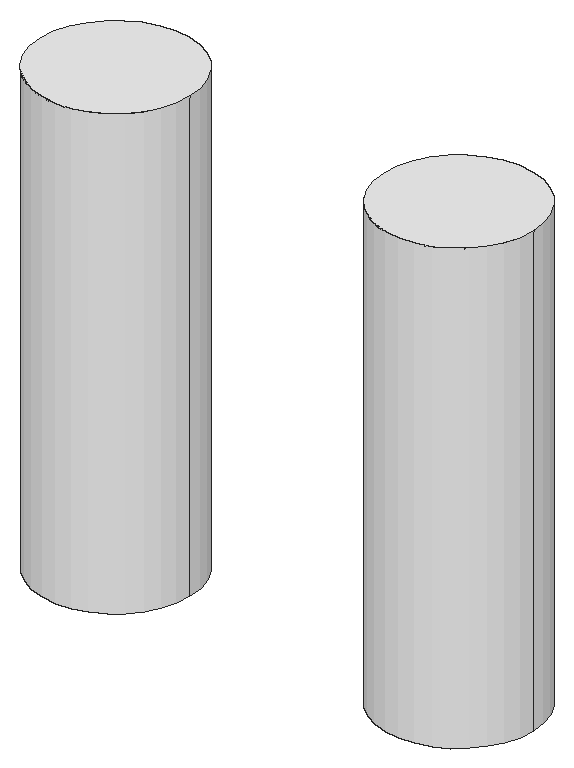
Revit family "00902201(2022)", category Plumbing Fixtures, Revit 2020
Family settings
  Round Connector Dimension = Use Diameter
  Part Type = Normal
  OmniClass Number = 23.45.55.00
  OmniClass Title = Sanitary Faucets, Wastes
  Work Plane-Based = No
  Always vertical = Yes
  Cut with Voids When Loaded = No
  Shared = No
  Room Calculation Point = No
Parameters (values of type "00902201 Cold water faucet ")
  Working Pressure = "50 - 1000 kPa "
  WarrantyStartDate [instance] = "n/a"
  WarrantyGuarantorParts = "n/a"
  WarrantyGuarantorLabor = "n/a"
  WarrantyDurationUnit = "Year"
  WarrantyDurationParts = "n/a"
  WarrantyDurationLabor = "n/a"
  WarrantyDescription = "http://warranty.hansa.com"
  Warranty Information URL = "http://warranty.hansa.com"
  VersionDate = "01/06/2023"
  Version = "1"
  ValvePattern = "n/a"
  ValveOperation = "n/a"
  ValveMechanism = "n/a"
  Uniclass2015Reference = "Pr_40_20_87_96"
  Uniclass2015Description = "Washbasin manual water supply sets"
  Uniclass2 = "Pr_40_30_96_96"
  URL REACH = "http://static.hansa.com/doc/reach"
  URL Materials Declaration = "http://www.hansa.com/fileadmin/resources/169257_00902201_materialsdeclaration.pdf"
  URL EcoLabel Declaration = "http://static.hansa.com/doc/EcoLabel"
  URL EU Packaging Declaration = "http://static.hansa.com/doc/packaging"
  URL Declaration of SCIP = "http://static.hansa.com/doc/SCIP"
  URL Declaration of Conformity = "http://static.hansa.com/DoC/00902201"
  URL Declaration of Asbestos = "http://static.hansa.com/doc/asbestos"
  URL Declaration Of Performance (DOP) = "http://static.hansa.com/doc/DoP"
  URL ABP = "http://static.hansa.com/ABP/00902201"
  URL = ""
  UNSPSC Class Number = "30181700 Faucets or taps"
  Type Comments = ""
  TestPressure = "n/a"
  Technical DataSheet URL = "http://www.hansa.com/datasheet/00902201/en"
  TagNumber [instance] = "n/a"
  SustainabilityPerformance = "n/a"
  Surface treatment = "Chrome"
  Spout Type = "Fixed spout;Casted construction"
  Spout Projection = "84 mm "
  Spare-Part Information URL = "http://static.hansa.com/sp/00902201"
  Size = "50x120x145 mm"
  Shape = "Sculptured"
  SerialNumber [instance] = "n/a"
  Sales Package dimensions (LxWxH) = "380 x 180 x 74"
  Revision = "n/a"
  ReplacementCost = "n/a"
  ProductInformation = "n/a"
  Product URL = "http://static.hansa.com/00902201"
  Product Image URL = "http://static.hansa.com/image/00902201"
  Product Family = "HANSANOVA "
  Product Code = "00902201"
  OperatingMechanismMaterial = "n/a"
  NominalWidth = 46 mm
  NominalHeight = 142.017 mm
  NominalDepth = 119.99 mm
  Noise Class = "I (ISO 3822)"
  Name_en = "00902201 Cold water faucet"
  Name = "00902201 Cold water faucet"
  NBSReference = "45-35-70/371"
  NBSDescription = "Water supply fittings for wash basins and troughs"
  Mounting Holes = "1 hole"
  ModelReference = "00902201"
  ModelNumber = "n/a"
  Model = "00902201 Cold water faucet"
  Mobile Product Information URL = "http://mpi.hansa.com/00902201"
  Mechanical Parts = "Ceramic head part for flow control"
  Max. Hot Water Supply = 80 °C
  Material = "Brass"
  Market = "International;Germany;Austria;Belgium;Netherlands;Italy"
  ManufacturerURL = "http://www.hansa.com"
  ManufacturerName = "HANSA"
  Manufacturer = "HANSA"
  Lever Handle = "Single operating lever/handle"
  Keynote = ""
  Interactive AR View URL = "https://static.hansa.com/AR/00902201"
  InstallationDate [instance] = "n/a"
  Installation and Maintenance Guide URL = "http://static.hansa.com/manual/00902201"
  Installation Type = "Deck mounted"
  InletConnectionSize = 10 mm
  IfcExportType = "FAUCET"  # constant formula
  IfcExportAs = "IfcValveType"  # constant formula
  Group = "Washbasin faucet"
  Grade = "n/a"
  FlowCoefficient = 0
  Flow Rate At 300kPa With Flow Controller = 0.1 L/s
  Flow Drawing URL = "http://static.hansa.com/flowchart/00902201"
  Finish = "Polished"
  Features = "Single-lever"
  FaucetMainMaterial = Brass
  FDV Document URL = "http://www.hansa.com/datasheet/00902201/en/fdv"
  ExpectedLife = "n/a"
  ETIM Class Number = "EC011375 Water tap"
  EN Standard = "EN 817"
  EAN Number = "4057304019807"
  DurationUnit = "Year"
  Dimension Drawing URL = "http://static.hansa.com/dimdrw/00902201"
  Description = ""
  DefaultElevation [instance] = 900 mm
  Default Elevation = 0 mm
  Constituents = "n/a"
  Connection Size = "G3/8 "
  Connection = "One inlet for cold or premixed water"
  Color = "Chrome"
  CodePerformance = "n/a"
  CloseOffRating = 0
  Category = "Washbasin"
  Catalog Drawing URL = "http://static.hansa.com/catdrw/00902201"
  Brand = "HANSA"
  BodyMaterial = "Brass"
  Barcode [instance] = "n/a"
  Backflow Prevention EN1717 = "AA"
  BIMObjectName = "00902201(2022)"
  Author = "BIMStone"
  AssetType = "Fixed"
  AssetIdentifier [instance] = "n/a"
  Approval ABP = "PA-IX 38425/IO"
  Aerator = "PCA® - constant flow rate regardless of pressure variations;Adjustable flow angle"
  Advanced Features = "Inner body made of DZR brass"
  AccessibilityPerformance = "n/a"
  3D View = "https://static.hansa.com/AR/00902201"
  2D/3D/BIM Files URL = "http://static.hansa.com/bim/00902201"
Reference planes
  plane 1 "Center (Front/Back)": y = 0
  plane 2: z = 0
  plane 3 "Center (Left/Right)": x = 0
  plane 4: x = -23
  plane 5: z = 900
  plane 6: z = 870
  plane 7: y = -119.99
  plane 8: x = 23
  plane 9: z = 1042.017
Forms (mm)
  Extrusion 1, solid, material "Brass" <- "FaucetMainMaterial"
    sketch origin (0, -0.5, 0) x (1, 0, 0) y (0, 1, 0)
      loop
        circle (-11.5, -22.5) r 5
      loop
        circle (11.5, -22.5) r 5
    from 870 to 900
Dimensions and locks
  "DefaultElevation": plane 5 to level
  locked: plane 5 to plane 6 at 30
  "NominalDepth": plane 7 to plane 1 "Center (Front/Back)"
  equal spacing: plane 4, plane 3 "Center (Left/Right)", plane 8
  "NominalHeight": plane 9 to plane 5
  "NominalWidth": plane 4 to plane 8
  "InletConnectionSize": diameter of Extrusion 1 sketch curve  (x2)
  aligned and locked: level to plane 2
  aligned and locked: plane 5 to Extrusion 1
  aligned and locked: Extrusion 1 to plane 6
  aligned and locked: plane 1 "Center (Front/Back)" to nested 2
  aligned and locked: plane 3 "Center (Left/Right)" to nested 2
  aligned and locked: plane 3 "Center (Left/Right)" to nested 1
  aligned and locked: plane 1 "Center (Front/Back)" to nested 1
  aligned and locked: plane 5 to nested 2
Automatic sketch dimensions
  Extrusion 1 sketch curve to plane 3 "Center (Left/Right)" = 11.5 mm
  plane 3 "Center (Left/Right)" to Extrusion 1 sketch curve = 11.5 mm
  plane 1 "Center (Front/Back)" to Extrusion 1 sketch curve = 23 mm  (x2)
Nested families
  nested 1: "Symbol" at (0, 0, 0), type "Symbol", detail levels coarse
  nested 2: "00902201_Body" at (0, 0, 900), Material <- "FaucetMainMaterial", type "00902201_Body"
    with Material Brass
Connectors
  piping at (-11.5, -23, 870), diameter 10, driven by "InletConnectionSize"
    settings: on Extrusion 1, index 1, connector inside diameter 609.6 mm, connector length 0 mm, flow factor 0, pipe flow 0.1 L/s, pressure drop 0.0 Pa, fitting loss kfactor 0, connector angle 0.00°, fixture units 0, engagement length 0 mm, angle of deflection 0.00°, flow configuration 1, flow direction 1, fitting loss method 0, system type 19, joint type 0, gender type 0, connector reference index -1, connector utility 0, adjustable connector no, is connector primary yes, connector description ""
  piping at (11.5, -23, 870), diameter 10, driven by "InletConnectionSize"
    settings: on Extrusion 1, index 2, connector inside diameter 609.6 mm, connector length 0 mm, flow factor 0, pipe flow 0.1 L/s, pressure drop 0.0 Pa, fitting loss kfactor 0, connector angle 0.00°, fixture units 0, engagement length 0 mm, angle of deflection 0.00°, flow configuration 1, flow direction 1, fitting loss method 0, system type 20, joint type 0, gender type 0, connector reference index -1, connector utility 0, adjustable connector no, is connector primary no, connector description ""
Definition of nested family "Symbol"
  Reference planes
    plane 1: y = 0
    plane 2: x = 0
  Lines and regions (mm)
    detail lines
      curve 1: line (0, 0, 0) -> (0, -1.8, 0)
      curve 2: line (-0.4, -1.1, 0) -> (0.4, -1.1, 0)
      curve 3: line (-0.4, -1.4, 0) -> (0.4, -1.4, 0)
      curve 4: line (0.863, 0, 0) -> (-0.863, 0, 0)
      curve 5: circle (-1.163, 0, 0) r 0.3 normal (0, 0, -1)
      curve 6: circle (1.163, 0, 0) r 0.3 normal (0, 0, 1)
Definition of nested family "00902201_Body"
  Parameters (values of type "00902201_Body")
    Material [instance] = none
    Default Elevation = 0 mm
  Reference planes
    plane 1 "Center (Front/Back)": y = 0
    plane 2: z = 0
    plane 3 "Center (Left/Right)": x = 0
    plane 4: z = 142.017
    plane 5: y = -119.99
    plane 6: x = -23
    plane 7: x = 23
  Forms (mm)
    Extrusion 1, solid, material <- "Material", detail levels medium
      sketch origin (0, 0, 11.035) x (0, 1, 0) y (0, 0, 1)
        loop
          line (-23.504, 89.465) -> (-118.83, 89.465)
          arc (-118.83, 89.465) -> (-119.65, 89.126) -> (-119.99, 88.305) r 1.16
          line (-119.99, 88.305) -> (-119.99, 79.715) -> (-91.329, 68.713) -> (-23.504, 64.632) -> (-23.504, 89.465)
      from -20 to 20
    Revolve 2, solid, material <- "Material", detail levels medium
      sketch origin (0, 17, 11.035) x (0, 1, 0) y (0, 0, 1)
        loop
          line (-123.641, 68.298) -> (-112.481, 64.014) -> (-109.32, 72.25) -> (-120.48, 76.534) -> (-123.641, 68.298)
        axis (-120.48, 76.534) -> (-123.641, 68.298)
      angle from 0 to 360
    Extrusion 3, solid, material <- "Material", detail levels coarse
      sketch origin (0, 0, 0) x (1, 0, 0) y (0, 1, 0)
        loop
          line (-23, 0) -> (-23, -119.99) -> (23, -119.99) -> (23, 0) -> (-23, 0)
      from 0 to 142.017
    Revolve 4, solid, material <- "Material", detail levels medium
      sketch origin (0, 0, 0) x (0, 1, 0) y (0, 0, 1)
        loop
          line (0, 0) -> (-3.52, 142.017) -> (-23, 142.017) -> (-23, 0) -> (0, 0)
        axis (-23, 0) -> (-23, 142.017)
      angle from 0 to 90
    Extrusion 5, solid, material <- "Material", detail levels medium
      sketch origin (0, 0, 0) x (1, 0, 0) y (0, 1, 0)
        loop
          circle (0, -43.859) r 3.561
      from 116.303 to 142.017
  Cuts and joins
    joined: Extrusion 1, Revolve 2, Revolve 4, Extrusion 5
  Lines and regions (mm)
    symbolic lines, detail levels medium+fine
      curve 1: line (0, -3.496, 141.042) -> (0, 0, 0)
      curve 2: line (0, 0, 0) -> (0, -46, 0)
      curve 3: line (0, -4.496, 142.017) -> (0, -42.48, 142.017)
      curve 4: line (0, -47.419, 119.303) -> (0, -47.419, 140.735)
      curve 5: line (0, -46.137, 142.017) -> (0, -42.48, 142.017)
      curve 6: arc (0, -43.734, 116.383) -> (0, -46.283, 116.952) -> (0, -47.419, 119.303) r 3
      curve 7: arc (0, -47.419, 140.735) -> (0, -47.044, 141.641) -> (0, -46.137, 142.017) r 1.282
      curve 8: line (0, -42.506, 115.409) -> (0, -42.506, 100.5)
      curve 10: line (0, -119.99, 99.5) -> (0, -119.99, 96.79)
      curve 11: arc (0, -119.99, 96.79) -> (0, -119.486, 93.237) -> (0, -118.015, 89.964) r 12.778
      curve 12: line (0, -118.015, 89.964) -> (0, -115.705, 89.078)
      curve 13: line (0, -91.542, 79.802) -> (0, -56.634, 77.747)
      curve 14: line (0, -44.403, 64.448) -> (0, -46, 0)
      curve 15: arc (0, -56.634, 77.747) -> (0, -47.83, 73.57) -> (0, -44.403, 64.448) r 13
      curve 16: arc (0, -42.506, 115.409) -> (0, -42.885, 116.193) -> (0, -43.734, 116.383) r 1
      curve 17: arc (0, -4.496, 142.017) -> (0, -3.797, 141.733) -> (0, -3.496, 141.042) r 1
      curve 19: line (0, -42.506, 100.5) -> (0, -118.99, 100.5)
      curve 20: line (0, -95.481, 75.049) -> (0, -117.801, 83.616)
      curve 21: line (0, -95.481, 75.049) -> (0, -93.385, 80.51)
      curve 22: line (0, -117.801, 83.616) -> (0, -115.705, 89.078)
      curve 24: line (0, -93.385, 80.51) -> (0, -91.542, 79.802)
      curve 25: arc (0, -118.99, 100.5) -> (0, -119.697, 100.207) -> (0, -119.99, 99.5) r 1
      curve 33: line (-19.472, 0, 99.535) -> (-23, 0, 0)
      curve 34: line (-18.473, 0, 100.5) -> (-17.526, 0, 100.5)
      curve 35: arc (-19.472, 0, 99.535) -> (-19.167, 0, 100.22) -> (-18.473, 0, 100.5) r 1
      curve 36: line (-18.489, 0, 101.005) -> (-17.526, 0, 101.005)
      curve 37: line (-19.489, 0, 102.005) -> (-19.489, 0, 141.017)
      curve 38: line (0, 0, 142.017) -> (-18.489, 0, 142.017)
      curve 39: arc (-18.489, 0, 142.017) -> (-19.196, 0, 141.724) -> (-19.489, 0, 141.017) r 1
      curve 40: arc (-19.489, 0, 102.005) -> (-19.196, 0, 101.298) -> (-18.489, 0, 101.005) r 1
      curve 41: line (-17.526, 0, 101.005) -> (-17.526, 0, 100.5)
      curve 45: line (19.472, 0, 99.535) -> (23, 0, 0)
      curve 46: line (18.473, 0, 100.5) -> (17.526, 0, 100.5)
      curve 47: arc (19.472, 0, 99.535) -> (19.167, 0, 100.22) -> (18.473, 0, 100.5) r 1
      curve 48: line (18.489, 0, 101.005) -> (17.526, 0, 101.005)
      curve 49: line (19.489, 0, 102.005) -> (19.489, 0, 141.017)
      curve 50: line (0, 0, 142.017) -> (18.489, 0, 142.017)
      curve 51: arc (18.489, 0, 142.017) -> (19.196, 0, 141.724) -> (19.489, 0, 141.017) r 1
      curve 52: arc (19.489, 0, 102.005) -> (19.196, 0, 101.298) -> (18.489, 0, 101.005) r 1
      curve 53: line (17.526, 0, 101.005) -> (17.526, 0, 100.5)
      curve 58: line (-23, 0, 0) -> (23, 0, 0)
      curve 59: arc (18.917, -36.082, 0) -> (0, 0, 0) -> (-18.917, -36.082, 0) r 23
      curve 61: spline (16.641, -103.393, 0) -> (15.791, -107.774, 0) -> (13.975, -111.795, 0) -> (11.306, -115.21, 0) -> (7.944, -117.81, 0) -> (4.097, -119.437, 0) -> (0, -119.99, 0) -> (-4.097, -119.437, 0) -> (-7.944, -117.81, 0) -> (-11.306, -115.21, 0) -> (-13.975, -111.795, 0) -> (-15.791, -107.774, 0) -> (-16.641, -103.393, 0)
      curve 63: line (18.917, -36.082, 0) -> (16.641, -103.393, 0)
      curve 64: line (-18.917, -36.082, 0) -> (-16.641, -103.393, 0)
    symbolic lines, detail levels fine
      curve 9: line (0, -2.491, 100.5) -> (0, -42.506, 100.5)
      curve 18: line (0, -42.506, 115.409) -> (0, -42.506, 142.219)
      curve 23: line (0, -115.705, 89.078) -> (0, -93.385, 80.51)
      curve 26: line (-11.073, 0, 78.301) -> (-11.073, 0, 84.66)
      curve 27: spline (11.073, 0, 78.301) -> (10.696, 0, 77.569) -> (9.59, 0, 76.886) -> (7.83, 0, 76.3) -> (5.537, 0, 75.85) -> (2.866, 0, 75.568) -> (0, 0, 75.471) -> (-2.866, 0, 75.568) -> (-5.537, 0, 75.85) -> (-7.83, 0, 76.3) -> (-9.59, 0, 76.886) -> (-10.696, 0, 77.569) -> (-11.073, 0, 78.301) -> (-10.696, 0, 79.034) -> (-9.59, 0, 79.717) -> (-7.83, 0, 80.303) -> (-5.537, 0, 80.753) -> (-2.866, 0, 81.035) -> (0, 0, 81.132) -> (2.866, 0, 81.035) -> (5.537, 0, 80.753) -> (7.83, 0, 80.303) -> (9.59, 0, 79.717) -> (10.696, 0, 79.034) -> (11.073, 0, 78.301)
      curve 28: spline (12.066, 0, 84.66) -> (11.655, 0, 85.802) -> (10.449, 0, 86.866) -> (8.532, 0, 87.779) -> (6.033, 0, 88.48) -> (3.123, 0, 88.921) -> (0, 0, 89.071) -> (-3.123, 0, 88.921) -> (-6.033, 0, 88.48) -> (-8.532, 0, 87.779) -> (-10.449, 0, 86.866) -> (-11.655, 0, 85.802) -> (-12.066, 0, 84.66)
      curve 29: arc (-12.066, 0, 84.66) -> (-11.812, 0, 82.995) -> (-11.073, 0, 81.481) r 5.589
      curve 30: arc (12.066, 0, 84.66) -> (11.812, 0, 82.995) -> (11.073, 0, 81.481) r 5.589
      curve 31: line (11.073, 0, 78.301) -> (11.073, 0, 84.66)
      curve 32: line (-11.073, 0, 84.66) -> (11.073, 0, 84.66)
      curve 42: line (-3.512, 0, 119.476) -> (-3.512, 0, 142.017)
      curve 43: line (3.512, 0, 119.476) -> (3.512, 0, 142.017)
      curve 44: arc (3.512, 0, 119.476) -> (0, 0, 115.964) -> (-3.512, 0, 119.476) r 3.512
      curve 54: line (17.526, 0, 100.5) -> (0, 0, 100.5)
      curve 55: line (17.526, 0, 101.005) -> (0, 0, 101.005)
      curve 56: line (-17.526, 0, 100.5) -> (0, 0, 100.5)
      curve 57: line (-17.526, 0, 101.005) -> (0, 0, 101.005)
      curve 60: line (-19.379, -22.423, 0) -> (-18.917, -36.082, 0)
      curve 62: line (19.379, -22.423, 0) -> (18.917, -36.082, 0)
      curve 65: arc (-3.56, -43.789, 0) -> (0, -47.419, 0) -> (3.56, -43.789, 0) r 3.561
      curve 66: arc (5.04, -41.818, 0) -> (0, -3.703, 0) -> (-5.04, -41.818, 0) r 19.391
      curve 67: arc (-5.04, -41.818, 0) -> (-3.96, -42.549, 0) -> (-3.56, -43.789, 0) r 2
      curve 68: arc (3.56, -43.789, 0) -> (3.96, -42.549, 0) -> (5.04, -41.818, 0) r 2
  Dimensions and locks
    aligned and locked: level to plane 2
